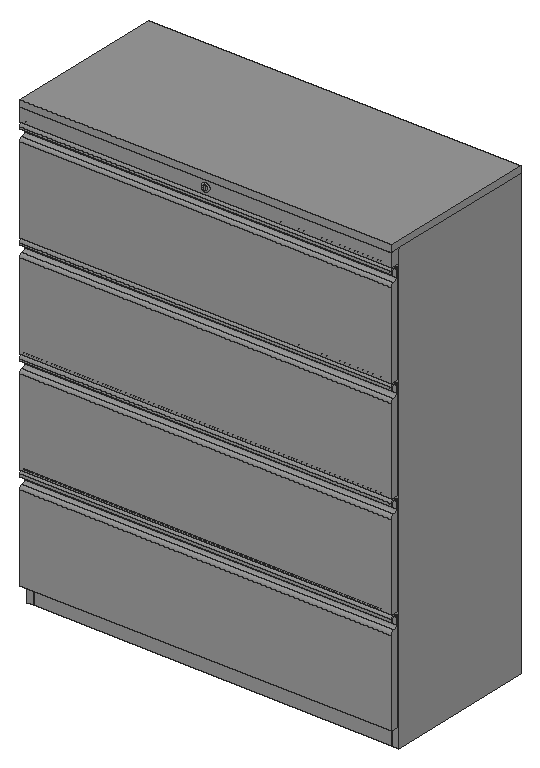
Revit family "ST.FO.LF.4DR.421851 Folio Lateral File Cabinet", category Generic Models, Revit 2018
Family settings
  Can host rebar = No
  Round Connector Dimension = Use Diameter
  Part Type = Normal
  Work Plane-Based = No
  Always vertical = Yes
  Cut with Voids When Loaded = No
  Shared = No
  Room Calculation Point = No
Parameters
  Surface = ST.FO.LF.4DR.421851 Folio Lateral File Surface
Reference planes (in)
  plane 1 "Center (Front/Back)": y = 0
  plane 2: z = 0
  plane 3 "Center (Left/Right)": x = 0
Forms (in)
  Extrusion 1, solid, material "ST.FO.LF.4DR.421851 Folio Lateral File Surface" <- "Surface"
    sketch origin (0, 0, 0) x (0, 1, 0) y (0, 0, 1)
      loop
        line (-9.1055, 48.88462) -> (-9.1055, 48.62738) -> (-9.0696, 48.62738) -> (-9.0696, 48.88462)
        arc (-9.0696, 48.88462) -> (-8.74025, 49.21398) -> (-8.4109, 48.88462) r 0.32935
        line (-8.4109, 48.88462) -> (-8.4109, 48.05488)
        arc (-8.4109, 48.05488) -> (-8.51505, 47.80343) -> (-8.7665, 47.69927) r 0.3556
        arc (-8.7665, 47.69927) -> (-9.02, 47.59427) -> (-9.125, 47.34078) r 0.3585
        line (-9.125, 47.34078) -> (-9.125, 37.636) -> (-8.375, 37.636) -> (-8.375, 48.88462)
        arc (-8.375, 48.88462) -> (-8.74025, 49.24988) -> (-9.1055, 48.88462) r 0.36525
    from -21 to 21
  Extrusion 2, solid, material "ST.FO.LF.4DR.421851 Folio Lateral File Surface" <- "Surface"
    sketch origin (0, 0, 0) x (1, 0, 0) y (0, 0, 1)
      loop
        line (-16.625, 47.476) -> (-16.75, 47.476) -> (-16.75, 38.476) -> (-16.625, 38.476) -> (-16.625, 39.101) -> (16.625, 39.101) -> (16.625, 38.476) -> (16.75, 38.476) -> (16.75, 47.476) -> (16.625, 47.476) -> (16.625, 39.226) -> (-16.625, 39.226) -> (-16.625, 47.476)
    from -3.5 to 8.25
  Extrusion 3, solid, material "ST.FO.LF.4DR.421851 Folio Lateral File Surface" <- "Surface"
    sketch origin (0, 0, 0) x (1, 0, 0) y (0, 0, 1)
      loop
        line (-16.75, 47.476) -> (-16.75, 38.476) -> (16.75, 38.476) -> (16.75, 47.476) -> (-16.75, 47.476)
    from -3.625 to -3.5
  Extrusion 4, solid, material "ST.FO.LF.4DR.421851 Folio Lateral File Surface" <- "Surface"
    sketch origin (0, -11.875, 0) x (1, 0, 0) y (0, 0, 1)
      loop
        line (-16.75, 47.476) -> (-16.75, 38.476) -> (16.75, 38.476) -> (16.75, 47.476) -> (-16.75, 47.476)
    from -3.625 to -3.5
  Extrusion 5, solid, material "ST.FO.LF.4DR.421851 Folio Lateral File Surface" <- "Surface"
    sketch origin (0, 0, -11.739) x (0, 1, 0) y (0, 0, 1)
      loop
        line (-9.1055, 48.88462) -> (-9.1055, 48.62738) -> (-9.0696, 48.62738) -> (-9.0696, 48.88462)
        arc (-9.0696, 48.88462) -> (-8.74025, 49.21398) -> (-8.4109, 48.88462) r 0.32935
        line (-8.4109, 48.88462) -> (-8.4109, 48.05488)
        arc (-8.4109, 48.05488) -> (-8.51505, 47.80343) -> (-8.7665, 47.69927) r 0.3556
        arc (-8.7665, 47.69927) -> (-9.02, 47.59427) -> (-9.125, 47.34078) r 0.3585
        line (-9.125, 47.34078) -> (-9.125, 37.636) -> (-8.375, 37.636) -> (-8.375, 48.88462)
        arc (-8.375, 48.88462) -> (-8.74025, 49.24988) -> (-9.1055, 48.88462) r 0.36525
    from -21 to 21
  Extrusion 6, solid, material "ST.FO.LF.4DR.421851 Folio Lateral File Surface" <- "Surface"
    sketch origin (0, 0, -23.477) x (0, 1, 0) y (0, 0, 1)
      loop
        line (-9.1055, 48.88462) -> (-9.1055, 48.62738) -> (-9.0696, 48.62738) -> (-9.0696, 48.88462)
        arc (-9.0696, 48.88462) -> (-8.74025, 49.21398) -> (-8.4109, 48.88462) r 0.32935
        line (-8.4109, 48.88462) -> (-8.4109, 48.05488)
        arc (-8.4109, 48.05488) -> (-8.51505, 47.80343) -> (-8.7665, 47.69927) r 0.3556
        arc (-8.7665, 47.69927) -> (-9.02, 47.59427) -> (-9.125, 47.34078) r 0.3585
        line (-9.125, 47.34078) -> (-9.125, 37.636) -> (-8.375, 37.636) -> (-8.375, 48.88462)
        arc (-8.375, 48.88462) -> (-8.74025, 49.24988) -> (-9.1055, 48.88462) r 0.36525
    from -21 to 21
  Extrusion 7, solid, material "ST.FO.LF.4DR.421851 Folio Lateral File Surface" <- "Surface"
    sketch origin (0, 0, -35.216) x (0, 1, 0) y (0, 0, 1)
      loop
        line (-9.1055, 48.88462) -> (-9.1055, 48.62738) -> (-9.0696, 48.62738) -> (-9.0696, 48.88462)
        arc (-9.0696, 48.88462) -> (-8.74025, 49.21398) -> (-8.4109, 48.88462) r 0.32935
        line (-8.4109, 48.88462) -> (-8.4109, 48.05488)
        arc (-8.4109, 48.05488) -> (-8.51505, 47.80343) -> (-8.7665, 47.69927) r 0.3556
        arc (-8.7665, 47.69927) -> (-9.02, 47.59427) -> (-9.125, 47.34078) r 0.3585
        line (-9.125, 47.34078) -> (-9.125, 37.636) -> (-8.375, 37.636) -> (-8.375, 48.88462)
        arc (-8.375, 48.88462) -> (-8.74025, 49.24988) -> (-9.1055, 48.88462) r 0.36525
    from -21 to 21
  Extrusion 8, solid, material "ST.FO.LF.4DR.421851 Folio Lateral File Surface" <- "Surface"
    sketch origin (0, 0, 0) x (0, 1, 0) y (0, 0, 1)
      loop
        line (8.375, 2.75) -> (-8.125, 2.75) -> (-8.125, 0.25) -> (-7.375, 0.25) -> (-7.375, 2) -> (8.375, 2) -> (8.375, 2.75)
    from -20.25 to 20.25
  Extrusion 9, solid, material "ST.FO.LF.4DR.421851 Folio Lateral File Surface" <- "Surface"
    sketch origin (-6, 0, 0) x (0, 1, 0) y (0, 0, -1)
      loop
        line (-8.125, -0.25) -> (-8.125, -50.875) -> (9.125, -50.875) -> (9.125, -0.25) -> (-8.125, -0.25)
    from 14.25 to 15
  Extrusion 10, solid, material "ST.FO.LF.4DR.421851 Folio Lateral File Surface" <- "Surface"
    sketch origin (0, 0, 0) x (0, 1, 0) y (0, 0, 1)
      loop
        line (8.375, 50.875) -> (8.375, 0.25) -> (9.125, 0.25) -> (9.125, 50.875) -> (8.375, 50.875)
    from -20.25 to 20.25
  Extrusion 11, solid, material "ST.FO.LF.4DR.421851 Folio Lateral File Surface" <- "Surface"
    sketch origin (0, 0, 0) x (0, 1, 0) y (0, 0, 1)
      loop
        line (9.125, 51.625) -> (-9.125, 51.625) -> (-9.125, 50.875) -> (9.125, 50.875) -> (9.125, 51.625)
    from -21 to 21
  Extrusion 12, solid, material "ST.FO.LF.4DR.421851 Folio Lateral File Surface" <- "Surface"
    sketch origin (0, 0, 0) x (0, 1, 0) y (0, 0, 1)
      loop
        line (-8.125, 50.875) -> (-9.125, 50.875) -> (-9.125, 49.375) -> (-8.125, 49.375) -> (-8.125, 50.875)
    from -21 to 21
  Revolve 13, solid, material "Folio Glides"
    sketch origin (0, 0, 0) x (0, 1, 0) y (0, 0, 1)
      loop
        arc (-9.125, 50.56261) -> (-9.20156, 50.53665) -> (-9.24581, 50.469) r 0.12389
        line (-9.24581, 50.469) -> (-9.24581, 50.125) -> (-9.125, 50.125) -> (-9.125, 50.56261)
      axis (-9.24581, 50.125) -> (-9.125, 50.125)
    angle from 0 to 360
  Extrusion 14, void
    sketch origin (0, 0, 0) x (1, 0, 0) y (0, 0, 1)
      loop
        line (-0.0625, 50.408) -> (-0.0625, 49.842) -> (0.0625, 49.842) -> (0.0625, 50.408) -> (-0.0625, 50.408)
    from 9.125 to 9.40721
  Revolve 15, solid, material "Folio Glides"
    sketch origin (-6, -6.6869, 0) x (1, 0, 0) y (0, 0, 1)
      loop
        line (-13.56312, 1.18177) -> (-13.56312, 0) -> (-13.2343, 0)
        arc (-13.2343, 0) -> (-13.21728, 0.0077) -> (-13.21586, 0.02633) r 0.01832
        line (-13.21586, 0.02633) -> (-13.37703, 0.1875) -> (-13.43902, 0.1875) -> (-13.43902, 1.18177) -> (-13.56312, 1.18177)
      axis (-13.56312, 1.18177) -> (-13.56312, 0)
    angle from 0 to 360
  Extrusion 16, solid, material "Folio Glides"
    sketch origin (-6, 0, 0) x (1, 0, 0) y (0, 1, 0)
      loop
        line (-12.1875, -7.375) -> (-14.25, -5.3125) -> (-14.25, -7.375) -> (-12.1875, -7.375)
    from 0.25 to 0.3125
  Revolve 17, solid, material "Folio Glides"
    sketch origin (-6, 7.6869, 0) x (1, 0, 0) y (0, 0, -1)
      loop
        line (-13.56312, -1.18177) -> (-13.43902, -1.18177) -> (-13.43902, -0.1875) -> (-13.37703, -0.1875) -> (-13.21586, -0.02633)
        arc (-13.21586, -0.02633) -> (-13.21728, -0.0077) -> (-13.2343, 0) r 0.01832
        line (-13.2343, 0) -> (-13.56312, 0) -> (-13.56312, -1.18177)
      axis (-13.56312, -1.18177) -> (-13.56312, 0)
    angle from 0 to 360
  Extrusion 18, solid, material "Folio Glides"
    sketch origin (-6, 1, 0) x (1, 0, 0) y (0, 1, 0)
      loop
        line (-12.1875, 7.375) -> (-14.25, 7.375) -> (-14.25, 5.3125) -> (-12.1875, 7.375)
    from 0.25 to 0.3125
  Extrusion 19, solid, material "ST.FO.LF.4DR.421851 Folio Lateral File Surface" <- "Surface"
    sketch origin (6, 0, 0) x (0, 1, 0) y (0, 0, 1)
      loop
        line (-8.125, 0.25) -> (9.125, 0.25) -> (9.125, 50.875) -> (-8.125, 50.875) -> (-8.125, 0.25)
    from 14.25 to 15
  Revolve 20, solid, material "Folio Glides"
    sketch origin (6, -6.6869, 0) x (-1, 0, 0) y (0, 0, -1)
      loop
        line (-13.56312, -1.18177) -> (-13.43902, -1.18177) -> (-13.43902, -0.1875) -> (-13.37703, -0.1875) -> (-13.21586, -0.02633)
        arc (-13.21586, -0.02633) -> (-13.21728, -0.0077) -> (-13.2343, 0) r 0.01832
        line (-13.2343, 0) -> (-13.56312, 0) -> (-13.56312, -1.18177)
      axis (-13.56312, -1.18177) -> (-13.56312, 0)
    angle from 0 to 360
  Extrusion 21, solid, material "Folio Glides"
    sketch origin (6, 0, 0) x (-1, 0, 0) y (0, -1, 0)
      loop
        line (-12.1875, 7.375) -> (-14.25, 7.375) -> (-14.25, 5.3125) -> (-12.1875, 7.375)
    from 0.25 to 0.3125
  Revolve 22, solid, material "Folio Glides"
    sketch origin (6, 7.6869, 0) x (-1, 0, 0) y (0, 0, 1)
      loop
        line (-13.56312, 1.18177) -> (-13.56312, 0) -> (-13.2343, 0)
        arc (-13.2343, 0) -> (-13.21728, 0.0077) -> (-13.21586, 0.02633) r 0.01832
        line (-13.21586, 0.02633) -> (-13.37703, 0.1875) -> (-13.43902, 0.1875) -> (-13.43902, 1.18177) -> (-13.56312, 1.18177)
      axis (-13.56312, 1.18177) -> (-13.56312, 0)
    angle from 0 to 360
  Extrusion 23, solid, material "Folio Glides"
    sketch origin (6, 1, 0) x (-1, 0, 0) y (0, -1, 0)
      loop
        line (-12.1875, -7.375) -> (-14.25, -5.3125) -> (-14.25, -7.375) -> (-12.1875, -7.375)
    from 0.25 to 0.3125
  Extrusion 24, solid, material "ST.FO.LF.4DR.421851 Folio Lateral File Surface" <- "Surface"
    sketch origin (0, 0, -11.739) x (1, 0, 0) y (0, 0, 1)
      loop
        line (-16.625, 47.476) -> (-16.75, 47.476) -> (-16.75, 38.476) -> (-16.625, 38.476) -> (-16.625, 39.101) -> (16.625, 39.101) -> (16.625, 38.476) -> (16.75, 38.476) -> (16.75, 47.476) -> (16.625, 47.476) -> (16.625, 39.226) -> (-16.625, 39.226) -> (-16.625, 47.476)
    from -3.5 to 8.25
  Extrusion 25, solid, material "ST.FO.LF.4DR.421851 Folio Lateral File Surface" <- "Surface"
    sketch origin (0, 0, -11.739) x (1, 0, 0) y (0, 0, 1)
      loop
        line (-16.75, 47.476) -> (-16.75, 38.476) -> (16.75, 38.476) -> (16.75, 47.476) -> (-16.75, 47.476)
    from -3.625 to -3.5
  Extrusion 26, solid, material "ST.FO.LF.4DR.421851 Folio Lateral File Surface" <- "Surface"
    sketch origin (0, -11.875, -11.739) x (1, 0, 0) y (0, 0, 1)
      loop
        line (-16.75, 47.476) -> (-16.75, 38.476) -> (16.75, 38.476) -> (16.75, 47.476) -> (-16.75, 47.476)
    from -3.625 to -3.5
  Extrusion 27, solid, material "ST.FO.LF.4DR.421851 Folio Lateral File Surface" <- "Surface"
    sketch origin (0, 0, -35.216) x (1, 0, 0) y (0, 0, 1)
      loop
        line (-16.625, 47.476) -> (-16.75, 47.476) -> (-16.75, 38.476) -> (-16.625, 38.476) -> (-16.625, 39.101) -> (16.625, 39.101) -> (16.625, 38.476) -> (16.75, 38.476) -> (16.75, 47.476) -> (16.625, 47.476) -> (16.625, 39.226) -> (-16.625, 39.226) -> (-16.625, 47.476)
    from -3.5 to 8.25
  Extrusion 28, solid, material "ST.FO.LF.4DR.421851 Folio Lateral File Surface" <- "Surface"
    sketch origin (0, 0, -35.216) x (1, 0, 0) y (0, 0, 1)
      loop
        line (-16.75, 47.476) -> (-16.75, 38.476) -> (16.75, 38.476) -> (16.75, 47.476) -> (-16.75, 47.476)
    from -3.625 to -3.5
  Extrusion 29, solid, material "ST.FO.LF.4DR.421851 Folio Lateral File Surface" <- "Surface"
    sketch origin (0, -11.875, -35.216) x (1, 0, 0) y (0, 0, 1)
      loop
        line (-16.75, 47.476) -> (-16.75, 38.476) -> (16.75, 38.476) -> (16.75, 47.476) -> (-16.75, 47.476)
    from -3.625 to -3.5
  Extrusion 30, solid, material "ST.FO.LF.4DR.421851 Folio Lateral File Surface" <- "Surface"
    sketch origin (0, 0, -23.478) x (1, 0, 0) y (0, 0, 1)
      loop
        line (-16.625, 47.476) -> (-16.75, 47.476) -> (-16.75, 38.476) -> (-16.625, 38.476) -> (-16.625, 39.101) -> (16.625, 39.101) -> (16.625, 38.476) -> (16.75, 38.476) -> (16.75, 47.476) -> (16.625, 47.476) -> (16.625, 39.226) -> (-16.625, 39.226) -> (-16.625, 47.476)
    from -3.5 to 8.25
  Extrusion 31, solid, material "ST.FO.LF.4DR.421851 Folio Lateral File Surface" <- "Surface"
    sketch origin (0, 0, -23.478) x (1, 0, 0) y (0, 0, 1)
      loop
        line (-16.75, 47.476) -> (-16.75, 38.476) -> (16.75, 38.476) -> (16.75, 47.476) -> (-16.75, 47.476)
    from -3.625 to -3.5
  Extrusion 32, solid, material "ST.FO.LF.4DR.421851 Folio Lateral File Surface" <- "Surface"
    sketch origin (0, -11.875, -23.478) x (1, 0, 0) y (0, 0, 1)
      loop
        line (-16.75, 47.476) -> (-16.75, 38.476) -> (16.75, 38.476) -> (16.75, 47.476) -> (-16.75, 47.476)
    from -3.625 to -3.5
Cuts and joins
  Extrusion 14 cuts Extrusion 12
  Extrusion 14 cuts Revolve 13
Dimensions and locks (in)
  aligned and locked: plane 2 to level
